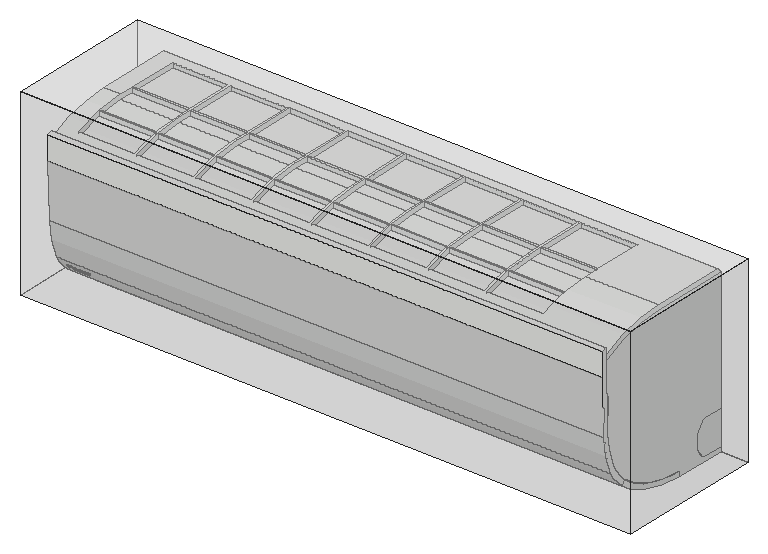
Revit family "outputfile", category 機械設備, Revit 2024 (continued)
Definition of nested family "DAIKIN_indoorunit_CTKM-VVMG"
  Automatic sketch dimensions
    Extrusion 22 sketch curve to Extrusion 22 sketch curve = 20.0 mm  (x2)
    Extrusion 22 sketch curve to level = 287.035 mm
    Extrusion 23 sketch curve to plane 1 "Center (Front/Back)" = 0.0 mm
    Extrusion 23 sketch curve to Extrusion 23 sketch curve = 20.0 mm  (x2)
    Extrusion 23 sketch curve to level = 287.035 mm
    plane 1 "Center (Front/Back)" to Extrusion 24 sketch curve = 0.0 mm  (x2)
    plane 3 "Center (Left/Right)" to Extrusion 24 sketch curve = 469.0 mm
    Extrusion 24 sketch curve to Extrusion 24 sketch curve = 20.0 mm  (x4)
    Extrusion 24 sketch curve to plane 3 "Center (Left/Right)" = 409.0 mm
  Nested families
    nested 1: "daikin_logo_plane_w40" at (-320, -198.871, -233.244) x (1, 0, 0) z (0, -0.7841, -0.6206), visible <- "switch_unit1_25-50", type "daikin_logo_plane_w40"
      with show_logo yes
    nested 2: "daikin_logo_plane_w40" at (-430, -237.74, -233.244) x (1, 0, 0) z (0, -0.7841, -0.6206), visible <- "switch_unit1_60-71", type "daikin_logo_plane_w40"
      with show_logo yes
  Definition of nested family "daikin_logo_plane_w40"
    Parameters (values of type "daikin_logo_plane_w40")
      width = 40.0 mm
      show_logo [instance] = yes
      material = none
      height = 0.0 mm
      depth = 0.0 mm
      Default Elevation = 1219.2 mm
    Reference planes
      plane 1 "Center (Front/Back)": y = 0
      plane 2: z = 0
      plane 3 "Center (Left/Right)": x = 0
      plane 4: z = 2
      plane 5 "left": x = -19
      plane 6: x = 19
    Forms (mm)
      Extrusion 1, solid, visible <- "show_logo"
        sketch origin (-19, 0, 0) x (1, 0, 0) y (0, 1, 0)
          loop
            line (8.902, -1.878) -> (7.789, -6.332) -> (11.13, -6.332)
            arc (11.13, -6.332) -> (12.454, -6.064) -> (13.472, -5.176) r 2.642
            arc (13.472, -5.176) -> (13.92, -4.02) -> (13.767, -2.79) r 2.537
            arc (13.767, -2.79) -> (13.452, -2.342) -> (12.982, -2.06) r 1.321
            arc (12.982, -2.06) -> (12.063, -1.902) -> (11.13, -1.878) r 6.479
            line (11.13, -1.878) -> (8.902, -1.878)
          loop
            line (10.016, -5.441) -> (10.907, -5.441)
            arc (10.907, -5.441) -> (11.591, -4.983) -> (11.988, -4.261) r 1.742
            spline (11.988, -4.261) -> (12.01, -4.155) -> (12.027, -4.03) -> (12.037, -3.893) -> (12.037, -3.747) -> (12.026, -3.598) -> (12.002, -3.451) -> (11.962, -3.31) -> (11.905, -3.181) -> (11.829, -3.069) -> (11.731, -2.978) -> (11.61, -2.913) -> (11.464, -2.88)
            line (11.464, -2.88) -> (10.573, -2.88) -> (10.016, -5.441)
          loop
            line (13.58, -6.332) -> (14.805, -6.332) -> (15.223, -5.553) -> (16.977, -5.553) -> (17.144, -6.332) -> (19.149, -6.332) -> (18.258, -1.878) -> (16.03, -1.878) -> (13.58, -6.332)
          loop
            line (16.476, -3.214) -> (15.76, -4.551) -> (16.762, -4.551) -> (16.476, -3.214)
          loop
            line (19.705, -6.332) -> (21.599, -6.332) -> (22.712, -1.878) -> (20.819, -1.878) -> (19.705, -6.332)
          loop
            line (22.712, -6.332) -> (24.606, -6.332) -> (24.908, -5.122) -> (25.831, -6.332) -> (28.17, -6.332) -> (26.388, -3.994) -> (28.949, -1.878) -> (26.945, -1.878) -> (25.401, -3.153) -> (25.719, -1.878) -> (23.826, -1.878) -> (22.712, -6.332)
          loop
            line (29.84, -1.878) -> (28.615, -6.332) -> (30.62, -6.332) -> (31.734, -1.878) -> (29.84, -1.878)
          loop
            line (31.734, -6.332) -> (33.07, -6.332) -> (33.7, -3.814) -> (34.518, -6.332) -> (36.745, -6.332) -> (37.859, -1.878) -> (36.523, -1.878) -> (35.845, -4.589) -> (34.963, -1.878) -> (32.847, -1.878) -> (31.734, -6.332)
        from 0 to 2
      Extrusion 2, solid, visible <- "show_logo"
        sketch origin (-19, 0, 0) x (1, 0, 0) y (0, 1, 0)
          loop
            line (8.7, 0) -> (4.235, 0) -> (0, -3.879) -> (0, -8) -> (8.7, 0)
        from 0 to 2
      Extrusion 3, solid, visible <- "show_logo"
        sketch origin (-19, 0, 0) x (1, 0, 0) y (0, 1, 0)
          loop
            line (0, 0) -> (0, -3.879) -> (4.235, 0) -> (0, 0)
        from 0 to 2
    Dimensions and locks
      plane 4 to plane 2 = 2.0 mm
      equal spacing: plane 5 "left", plane 3 "Center (Left/Right)", plane 6
      locked: plane 5 "left" to plane 6 at 38
      aligned and locked: level to plane 2
      aligned and locked: Extrusion 3 to plane 1 "Center (Front/Back)"  (x2)
      aligned and locked: Extrusion 2 to plane 1 "Center (Front/Back)"  (x2)
      aligned and locked: plane 4 to Extrusion 1
      aligned and locked: plane 4 to Extrusion 3
      aligned and locked: plane 4 to Extrusion 2
      aligned and locked: Extrusion 3 to plane 5 "left"
      aligned and locked: Extrusion 2 to plane 5 "left"
    Automatic sketch dimensions
      Extrusion 1 sketch curve to Extrusion 1 sketch curve = 0.901 mm
      Extrusion 1 sketch curve to Extrusion 1 sketch curve = 1.559 mm
      Extrusion 1 sketch curve to Extrusion 1 sketch curve = 1.327 mm
      Extrusion 1 sketch curve to Extrusion 1 sketch curve = 2.145 mm
      Extrusion 1 sketch curve to Extrusion 1 sketch curve = 1.448 mm
      Extrusion 1 sketch curve to Extrusion 1 sketch curve = 2.116 mm
      Extrusion 1 sketch curve to Extrusion 1 sketch curve = 1.114 mm  (x4)
      Extrusion 1 sketch curve to Extrusion 1 sketch curve = 1.336 mm  (x2)
      plane 1 "Center (Front/Back)" to Extrusion 1 sketch curve = 1.878 mm  (x5)
      Extrusion 1 sketch curve to Extrusion 1 sketch curve = 1.893 mm  (x5)
      Extrusion 1 sketch curve to Extrusion 1 sketch curve = 0.891 mm  (x4)
      Extrusion 1 sketch curve to Extrusion 1 sketch curve = 2.005 mm  (x3)
      Extrusion 1 sketch curve to Extrusion 1 sketch curve = 0.445 mm  (x2)
      plane 1 "Center (Front/Back)" to Extrusion 1 sketch curve = 3.994 mm
      Extrusion 1 sketch curve to Extrusion 1 sketch curve = 0.557 mm  (x2)
      Extrusion 1 sketch curve to Extrusion 1 sketch curve = 2.339 mm  (x2)
      Extrusion 1 sketch curve to Extrusion 1 sketch curve = 1.225 mm  (x3)
      plane 1 "Center (Front/Back)" to Extrusion 1 sketch curve = 3.153 mm
      Extrusion 1 sketch curve to Extrusion 1 sketch curve = 0.987 mm
      plane 1 "Center (Front/Back)" to Extrusion 1 sketch curve = 5.122 mm
      Extrusion 1 sketch curve to Extrusion 1 sketch curve = 0.922 mm
      plane 1 "Center (Front/Back)" to Extrusion 1 sketch curve = 6.332 mm
      Extrusion 1 sketch curve to Extrusion 1 sketch curve = 2.562 mm
      plane 1 "Center (Front/Back)" to Extrusion 1 sketch curve = 5.553 mm
      Extrusion 1 sketch curve to Extrusion 1 sketch curve = 0.167 mm
      Extrusion 1 sketch curve to Extrusion 1 sketch curve = 0.215 mm
      plane 1 "Center (Front/Back)" to Extrusion 1 sketch curve = 3.214 mm
      Extrusion 1 sketch curve to Extrusion 1 sketch curve = 0.286 mm
      plane 1 "Center (Front/Back)" to Extrusion 1 sketch curve = 4.551 mm
      Extrusion 1 sketch curve to Extrusion 1 sketch curve = 1.002 mm
      Extrusion 1 sketch curve to Extrusion 1 sketch curve = 0.537 mm
      Extrusion 1 sketch curve to Extrusion 1 sketch curve = 0.418 mm
      Extrusion 1 sketch curve to Extrusion 1 sketch curve = 1.028 mm
      plane 1 "Center (Front/Back)" to Extrusion 1 sketch curve = 4.261 mm
      Extrusion 1 sketch curve to Extrusion 1 sketch curve = 0.563 mm
      plane 1 "Center (Front/Back)" to Extrusion 1 sketch curve = 2.88 mm
      Extrusion 1 sketch curve to Extrusion 1 sketch curve = 1.088 mm
      Extrusion 1 sketch curve to Extrusion 1 sketch curve = 2.152 mm
      Extrusion 1 sketch curve to Extrusion 1 sketch curve = 0.586 mm
      Extrusion 1 sketch curve to Extrusion 1 sketch curve = 0.118 mm
      Extrusion 1 sketch curve to Extrusion 1 sketch curve = 0.298 mm
      Extrusion 1 sketch curve to Extrusion 1 sketch curve = 0.334 mm
      Extrusion 1 sketch curve to Extrusion 1 sketch curve = 0.223 mm
      Extrusion 1 sketch curve to Extrusion 1 sketch curve = 0.266 mm
      Extrusion 1 sketch curve to Extrusion 1 sketch curve = 1.671 mm
      Extrusion 1 sketch curve to Extrusion 1 sketch curve = 2.227 mm
      Extrusion 1 sketch curve to Extrusion 1 sketch curve = 0.0 mm  (x7)
      Extrusion 1 sketch curve to Extrusion 1 sketch curve = 3.453 mm
      Extrusion 1 sketch curve to Extrusion 1 sketch curve = 2.017 mm
      Extrusion 1 sketch curve to Extrusion 1 sketch curve = 0.78 mm  (x2)
      Extrusion 1 sketch curve to Extrusion 1 sketch curve = 1.743 mm
      Extrusion 1 sketch curve to Extrusion 1 sketch curve = 0.775 mm
      Extrusion 1 sketch curve to Extrusion 1 sketch curve = 0.552 mm
      Extrusion 1 sketch curve to Extrusion 1 sketch curve = 0.014 mm
      Extrusion 1 sketch curve to Extrusion 1 sketch curve = 0.952 mm
      Extrusion 1 sketch curve to Extrusion 1 sketch curve = 1.215 mm
      Extrusion 1 sketch curve to Extrusion 1 sketch curve = 0.108 mm
      plane 1 "Center (Front/Back)" to Extrusion 2 sketch curve = 0.0 mm
      Extrusion 2 sketch curve to plane 3 "Center (Left/Right)" = 19.0 mm
      Extrusion 2 sketch curve to plane 3 "Center (Left/Right)" = 14.765 mm
      Extrusion 2 sketch curve to Extrusion 2 sketch curve = 4.465 mm
      plane 1 "Center (Front/Back)" to Extrusion 2 sketch curve = 3.879 mm
      Extrusion 2 sketch curve to Extrusion 2 sketch curve = 4.12 mm
      plane 1 "Center (Front/Back)" to Extrusion 3 sketch curve = 0.0 mm
      Extrusion 3 sketch curve to plane 3 "Center (Left/Right)" = 19.0 mm
      Extrusion 3 sketch curve to plane 3 "Center (Left/Right)" = 14.765 mm
      plane 1 "Center (Front/Back)" to Extrusion 3 sketch curve = 3.879 mm
      Extrusion 1 sketch curve to plane 3 "Center (Left/Right)" = 11.211 mm
      Extrusion 1 sketch curve to Extrusion 1 sketch curve = 1.782 mm
Definition of nested family "daikin_connector_rotate3"
  Parameters (values of type "daikin_connector_rotate3")
    show [instance] = yes
    radius [instance] = 10.0 mm
    length [instance] = 600.0 mm
    angle_horizontal [instance] = 60.00°
    angle_vertical [instance] = 90.00°
    Default Elevation = 1219.2 mm
  Reference planes
    plane 1 "Center (Front/Back)": y = 0
    plane 2: z = 0
    plane 3 "Center (Left/Right)": x = 0
  Dimensions and locks
    "angle_horizontal": angle plane 3 "Center (Left/Right)" to nested 1
    aligned and locked: level to plane 2
    aligned and locked: plane 1 "Center (Front/Back)" to nested 1  (x2)
    aligned and locked: plane 3 "Center (Left/Right)" to nested 1
  Nested families
    nested 1: "daikin_connector_rotate2" at (0, 0, 0) x (0.5, 0.866, 0) z (0, 0, 1), angle_vertical <- "angle_vertical", length <- "length", radius <- "radius", type "daikin_connector_rotate2"
      with radius 10.0 mm, length 600.0 mm, angle_vertical 90.00°
  Definition of nested family "daikin_connector_rotate2"
    Parameters (values of type "daikin_connector_rotate2")
      show_face = yes
      radius [instance] = 10.0 mm
      length [instance] = 600.0 mm
      d_surface = 10.0 mm
      angle_vertical [instance] = 90.00°
      Default Elevation = 0.0 mm
    Reference planes
      plane 1 "Center (Front/Back)": y = 0
      plane 2: z = 0
      plane 3 "Center (Left/Right)": x = 0
    Forms (mm)
      Extrusion 1, solid, visible <- "show_face"
        sketch origin (0, -600, 0) x (1, 0, 0) y (0, 0, 1)
          loop
            circle (0, 0) r 10
        from 0 to -10
    Lines and regions (mm)
      reference lines
        curve 1: line (0, 0, 0) -> (0, -600, 0)
      symbolic lines
        curve 2: circle (0, 0, 0) r 5 normal (0, 0, 1)
      model lines, visible <- "show_face"
        curve 3: line (0, 0, 0) -> (0, -600, 0)
    Dimensions and locks
      "length": curve 1 to curve 1
      "length": curve 3 to curve 3
      "d_surface": Extrusion 1 to Extrusion 1
      "radius": radius of Extrusion 1 sketch curve
      "angle_vertical": angle curve 1 to plane 1 "Center (Front/Back)"
      "angle_vertical": angle curve 3 to plane 1 "Center (Front/Back)"
      aligned and locked: level to plane 2
      aligned and locked: plane 1 "Center (Front/Back)" to curve 1
      aligned and locked: plane 2 to curve 1
      aligned and locked: plane 1 "Center (Front/Back)" to curve 2
      aligned and locked: plane 3 "Center (Left/Right)" to curve 2
      aligned and locked: plane 1 "Center (Front/Back)" to curve 3
      aligned and locked: plane 2 to curve 3
      aligned and locked: Extrusion 1 to Extrusion 1
    Automatic sketch dimensions
      Extrusion 1 sketch curve to level = 0.0 mm
      Extrusion 1 sketch curve to plane 3 "Center (Left/Right)" = 0.0 mm
      radius of curve 2 = 5.0 mm
